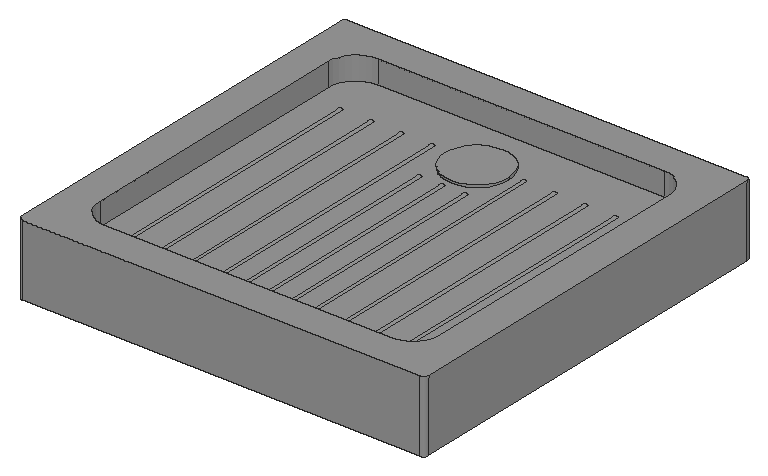
Revit family "RECEPTACULO ZEN 800X800", category Plumbing Fixtures, Revit 2019
Family settings
  Round Connector Dimension = Use Diameter
  Part Type = Normal
  OmniClass Number = 23.45.00.00
  OmniClass Title = Sanitary, Laundry, and Cleaning Equipment
  Work Plane-Based = No
  Always vertical = Yes
  Cut with Voids When Loaded = No
  Shared = No
  Room Calculation Point = No
Reference planes
  plane 1 "Center (Front/Back)": y = 0
  plane 2: z = 0
  plane 3 "Center (Left/Right)": x = 0
Forms (mm)
  Extrusion 1, solid
    sketch origin (0, 0, 0) x (1, 0, 0) y (0, 1, 0)
      loop
        line (-40, -42.5) -> (740, -42.5)
        arc (740, -42.5) -> (747.071, -39.571) -> (750, -32.5) r 10
        line (750, -32.5) -> (750, 747.5)
        arc (750, 747.5) -> (747.071, 754.571) -> (740, 757.5) r 10
        line (740, 757.5) -> (-40, 757.5)
        arc (-40, 757.5) -> (-47.071, 754.571) -> (-50, 747.5) r 10
        line (-50, 747.5) -> (-50, -32.5)
        arc (-50, -32.5) -> (-47.071, -39.571) -> (-40, -42.5) r 10
    from 0 to 140
  Extrusion 2, void
    sketch origin (0, 0, 0) x (1, 0, 0) y (0, 1, 0)
      loop
        line (630, 692.5) -> (70, 692.5)
        arc (70, 692.5) -> (31.109, 676.391) -> (15, 637.5) r 55
        line (15, 637.5) -> (15, 77.5)
        arc (15, 77.5) -> (31.109, 38.609) -> (70, 22.5) r 55
        line (70, 22.5) -> (630, 22.5)
        arc (630, 22.5) -> (668.891, 38.609) -> (685, 77.5) r 55
        line (685, 77.5) -> (685, 637.5)
        arc (685, 637.5) -> (668.891, 676.391) -> (630, 692.5) r 55
    from 95 to 140
  Extrusion 3, solid
    sketch origin (0, 60, 0) x (1, 0, 0) y (0, 1, 0)
      loop
        circle (350, 525) r 62.5
    from 95 to 98.923
  Extrusion 4, solid
    sketch origin (-5.456, 0, -15.528) x (1, 0, 0) y (0, 0, 1)
      loop
        arc (82.789, 110.528) -> (79.122, 112.128) -> (75.456, 110.528) r 5
        line (75.456, 110.528) -> (82.789, 110.528)
      loop
        line (135.456, 110.528) -> (142.789, 110.528)
        arc (142.789, 110.528) -> (139.122, 112.128) -> (135.456, 110.528) r 5
      loop
        line (195.456, 110.528) -> (202.789, 110.528)
        arc (202.789, 110.528) -> (199.122, 112.128) -> (195.456, 110.528) r 5
      loop
        line (255.456, 110.528) -> (262.789, 110.528)
        arc (262.789, 110.528) -> (259.122, 112.128) -> (255.456, 110.528) r 5
      loop
        line (435.456, 110.528) -> (442.789, 110.528)
        arc (442.789, 110.528) -> (439.122, 112.128) -> (435.456, 110.528) r 5
      loop
        line (495.456, 110.528) -> (502.789, 110.528)
        arc (502.789, 110.528) -> (499.122, 112.128) -> (495.456, 110.528) r 5
      loop
        line (555.456, 110.528) -> (562.789, 110.528)
        arc (562.789, 110.528) -> (559.122, 112.128) -> (555.456, 110.528) r 5
      loop
        line (615.456, 110.528) -> (622.789, 110.528)
        arc (622.789, 110.528) -> (619.122, 112.128) -> (615.456, 110.528) r 5
    from -596.64 to -42.5
  Extrusion 5, solid
    sketch origin (-5.456, 0, -15.528) x (1, 0, 0) y (0, 0, 1)
      loop
        line (345.456, 110.528) -> (352.789, 110.528)
        arc (352.789, 110.528) -> (349.122, 112.128) -> (345.456, 110.528) r 5
      loop
        line (300.456, 110.528) -> (307.789, 110.528)
        arc (307.789, 110.528) -> (304.122, 112.128) -> (300.456, 110.528) r 5
      loop
        line (390.456, 110.528) -> (397.789, 110.528)
        arc (397.789, 110.528) -> (394.122, 112.128) -> (390.456, 110.528) r 5
    from -508.818 to -42.5
Cuts and joins
  Extrusion 2 cuts Extrusion 1
Dimensions and locks
  aligned and locked: level to plane 2
